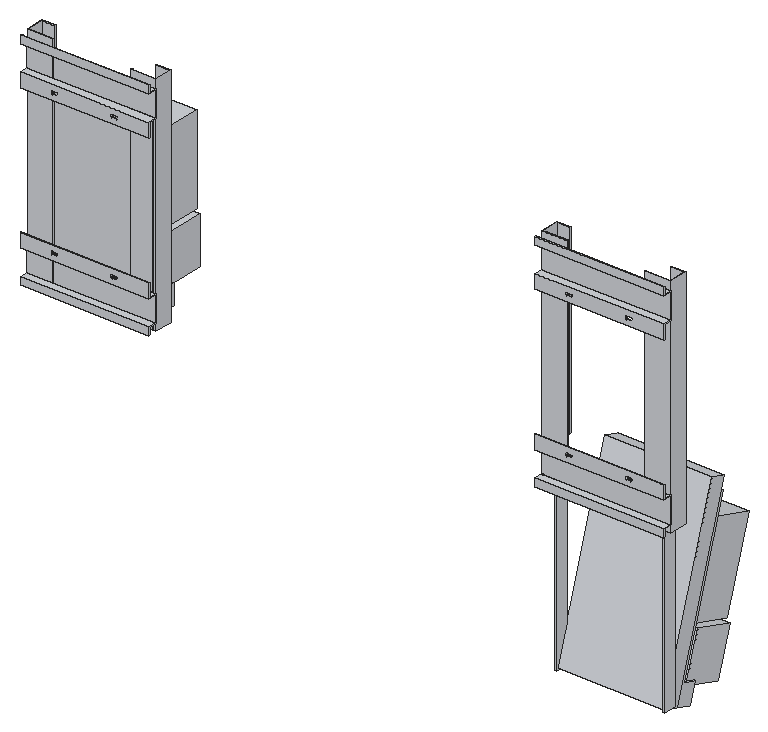
Revit family "AX9406E_0014", category Appareils sanitaires, Revit 2016 (continued)
Forms (mm)
  Extrusion 178, solid
    sketch origin (470.588, -128.803, -320.399) x (1, 0, 0) y (0, 0.309017, 0.951057)
      loop
        line (-41.688, 866.468) -> (-164.1, 866.468) -> (-164.1, 797.112) -> (-41.688, 797.112) -> (-41.688, 866.468)
    from -105.493 to -14.449
  Extrusion 179, solid
    sketch origin (470.588, -128.803, -320.399) x (1, 0, 0) y (0, 0.309017, 0.951057)
      loop
        line (-68.238, 797.112) -> (-124.921, 797.112) -> (-124.921, 793.415) -> (-109.288, 793.415) -> (-93.841, 785.173) -> (-68.238, 797.112)
    from -105.493 to -44.449
  Extrusion 180, void
    sketch origin (470.588, -128.803, -320.399) x (1, 0, 0) y (0, 0.309017, 0.951057)
      loop
        line (-137.189, 850.697) -> (-123.934, 822.272)
        arc (-123.934, 822.272) -> (-119.778, 841.513) -> (-137.189, 850.697) r 16.284
    from -107.828 to -99.857
  Extrusion 181, void
    sketch origin (202.931, 387.156, 1267.56) x (-1, 0, 0) y (0, -0.309017, -0.951057)
      loop
        line (-137.189, 850.697) -> (-123.934, 822.272)
        arc (-123.934, 822.272) -> (-119.778, 841.513) -> (-137.189, 850.697) r 16.284
    from -107.828 to -99.857
  Extrusion 182, void
    sketch origin (470.588, -128.803, -320.399) x (1, 0, 0) y (0, 0.309017, 0.951057)
      loop
        circle (-134.065, 834.893) r 22.599
      loop
        circle (-134.065, 834.893) r 23.099
    from -105.493 to -99.857
  Extrusion 183, solid
    sketch origin (470.588, -200.132, -297.223) x (1, 0, 0) y (0, 0.951057, -0.309017)
      loop
        circle (-93.166, 167.329) r 5.905
      loop
        circle (-93.166, 167.329) r 3.598
    from 782.819 to 789.363
  Extrusion 184, void
    sketch origin (470.588, -218.202, -291.352) x (1, 0, 0) y (0, 0.951057, -0.309017)
      loop
        line (-167.161, 138.449) -> (-167.161, 108.449) -> (-137.161, 108.449) -> (-137.161, 138.449) -> (-167.161, 138.449)
    from 777.269 to 779.269
  Extrusion 185, solid
    sketch origin (660.349, -148.546, -319.678) x (1, 0, 0) y (0, 0.309017, 0.951057)
      loop
        line (-273.909, 1033.562) -> (-305.909, 1033.562) -> (-305.909, 1020.562) -> (-273.909, 1020.562) -> (-273.909, 1033.562)
      loop
        line (-275.909, 1031.475) -> (-294.909, 1031.475) -> (-294.909, 1022.476) -> (-275.909, 1022.476) -> (-275.909, 1031.475)
    from -32 to -27
  Extrusion 186, solid
    sketch origin (458.049, -247.816, -309.511) x (0, 0.951057, -0.309017) y (0, 0.309017, 0.951057)
      loop
        line (125.447, 1029.569) -> (125.447, 1027.569) -> (153.447, 1027.569) -> (153.447, 1020.569) -> (155.447, 1020.569) -> (155.447, 1029.569) -> (125.447, 1029.569)
    from -59.645 to -46.645
  Extrusion 187, solid
    sketch origin (282.83, -247.816, -309.511) x (0, 0.951057, -0.309017) y (0, -0.309017, -0.951057)
      loop
        line (125.447, -1029.569) -> (155.447, -1029.569) -> (155.447, -1020.569) -> (153.447, -1020.569) -> (153.447, -1027.569) -> (125.447, -1027.569) -> (125.447, -1029.569)
    from -59.645 to -46.645
  Extrusion 188, void
    sketch origin (516.012, 13, -253.576) x (1, 0, 0) y (0, 0, 1)
      loop
        line (-184.46, 1188.488) -> (-189.484, 1188.488)
        arc (-189.484, 1188.488) -> (-191.984, 1185.988) -> (-189.484, 1183.488) r 2.5
        line (-189.484, 1183.488) -> (-184.46, 1183.488)
        arc (-184.46, 1183.488) -> (-181.96, 1185.988) -> (-184.46, 1188.488) r 2.5
    from -63 to -62
  Extrusion 189, void
    sketch origin (516.012, 13, -461.497) x (1, 0, 0) y (0, 0, 1)
      loop
        line (-184.46, 1188.488) -> (-189.484, 1188.488)
        arc (-189.484, 1188.488) -> (-191.984, 1185.988) -> (-189.484, 1183.488) r 2.5
        line (-189.484, 1183.488) -> (-184.46, 1183.488)
        arc (-184.46, 1183.488) -> (-181.96, 1185.988) -> (-184.46, 1188.488) r 2.5
    from -63 to -62
  Extrusion 190, void
    sketch origin (228.075, 13, -253.576) x (-1, 0, 0) y (0, 0, -1)
      loop
        arc (-184.46, -1188.488) -> (-181.96, -1185.988) -> (-184.46, -1183.488) r 2.5
        line (-184.46, -1183.488) -> (-189.484, -1183.488)
        arc (-189.484, -1183.488) -> (-191.984, -1185.988) -> (-189.484, -1188.488) r 2.5
        line (-189.484, -1188.488) -> (-184.46, -1188.488)
    from -63 to -62
  Extrusion 191, void
    sketch origin (228.075, 13, -461.497) x (-1, 0, 0) y (0, 0, -1)
      loop
        arc (-184.46, -1188.488) -> (-181.96, -1185.988) -> (-184.46, -1183.488) r 2.5
        line (-184.46, -1183.488) -> (-189.484, -1183.488)
        arc (-189.484, -1183.488) -> (-191.984, -1185.988) -> (-189.484, -1188.488) r 2.5
        line (-189.484, -1188.488) -> (-184.46, -1188.488)
    from -63 to -62
  Extrusion 192, solid
    sketch origin (-218.213, 112, -40.127) x (1, 0, 0) y (0, 0, 1)
      loop
        line (669.257, 786.789) -> (667.257, 786.789) -> (667.257, 466.088) -> (669.257, 466.088) -> (669.257, 786.789)
    from 0 to 18
  Extrusion 193, solid
    sketch origin (962.3, 112, -40.127) x (-1, 0, 0) y (0, 0, -1)
      loop
        line (669.257, -786.789) -> (669.257, -466.088) -> (667.257, -466.088) -> (667.257, -786.789) -> (669.257, -786.789)
    from 0 to 18
  Extrusion 194, solid, not visible
    sketch origin (-57.754, 131.3, -1246.225) x (1, 0, 0) y (0, 0, 1)
      loop
        line (-380.828, 1900.05) -> (-534.828, 1900.05) -> (-534.828, 1622.442) -> (-380.828, 1622.442) -> (-380.828, 1900.05)
    from 18.3 to 42.513
  Extrusion 195, solid, not visible
    sketch origin (-417.036, 32, -405) x (0, 1, 0) y (0, 0, 1)
      loop
        line (182.673, 996.87) -> (83, 996.87) -> (83, 869.33) -> (182.673, 869.33) -> (182.673, 996.87)
    from -151.645 to -48.653
  Extrusion 196, solid, not visible
    sketch origin (-417.036, 32, -405) x (1, 0, 0) y (0, 1, 0)
      loop
        circle (-94.158, 150.829) r 21.911
    from 996.934 to 1009.972
  Extrusion 197, solid, not visible
    sketch origin (-417.036, 13, -405) x (0, 1, 0) y (0, 0, 1)
      loop
        line (138.449, 777.269) -> (138.449, 807.147) -> (116.18, 807.147) -> (116.18, 1037.147) -> (100, 1037.147) -> (100, 777.269) -> (138.449, 777.269)
    from -169.773 to -30.488
  Extrusion 198, void, not visible
    sketch origin (-417.036, 88, -405) x (1, 0, 0) y (0, 0, 1)
      loop
        line (-32.488, 779.269) -> (-32.488, 1034.619) -> (-167.773, 1034.619) -> (-167.773, 779.269) -> (-32.488, 779.269)
    from -63.449 to -27
  Extrusion 199, solid, not visible
    sketch origin (-417.036, 107, -405) x (1, 0, 0) y (0, 0, 1)
      loop
        line (-41.688, 866.468) -> (-164.1, 866.468) -> (-164.1, 797.112) -> (-41.688, 797.112) -> (-41.688, 866.468)
    from -105.493 to -14.449
  Extrusion 200, solid, not visible
    sketch origin (-417.036, 107, -405) x (1, 0, 0) y (0, 0, 1)
      loop
        line (-68.238, 797.112) -> (-124.921, 797.112) -> (-124.921, 793.415) -> (-109.288, 793.415) -> (-93.841, 785.173) -> (-68.238, 797.112)
    from -105.493 to -44.449
  Extrusion 201, void, not visible
    sketch origin (-417.036, 107, -405) x (1, 0, 0) y (0, 0, 1)
      loop
        line (-137.189, 850.697) -> (-123.934, 822.272)
        arc (-123.934, 822.272) -> (-119.778, 841.513) -> (-137.189, 850.697) r 16.284
    from -107.828 to -99.857
  Extrusion 202, void, not visible
    sketch origin (-684.693, 107, 1264.679) x (-1, 0, 0) y (0, 0, -1)
      loop
        line (-137.189, 850.697) -> (-123.934, 822.272)
        arc (-123.934, 822.272) -> (-119.778, 841.513) -> (-137.189, 850.697) r 16.284
    from -107.828 to -99.857
  Extrusion 203, void, not visible
    sketch origin (-417.036, 107, -405) x (1, 0, 0) y (0, 0, 1)
      loop
        circle (-134.065, 834.893) r 22.599
      loop
        circle (-134.065, 834.893) r 23.099
    from -105.493 to -99.857
  Extrusion 204, solid, not visible
    sketch origin (-417.036, 32, -405) x (1, 0, 0) y (0, 1, 0)
      loop
        circle (-93.166, 167.329) r 5.905
      loop
        circle (-93.166, 167.329) r 3.598
    from 782.819 to 789.363
  Extrusion 205, void, not visible
    sketch origin (-417.036, 13, -405) x (1, 0, 0) y (0, 1, 0)
      loop
        line (-167.161, 138.449) -> (-167.161, 108.449) -> (-137.161, 108.449) -> (-137.161, 138.449) -> (-167.161, 138.449)
    from 777.269 to 779.269
  Extrusion 206, solid, not visible
    sketch origin (-227.276, 88, -410.415) x (1, 0, 0) y (0, 0, 1)
      loop
        line (-273.909, 1033.562) -> (-305.909, 1033.562) -> (-305.909, 1020.562) -> (-273.909, 1020.562) -> (-273.909, 1033.562)
      loop
        line (-275.909, 1031.475) -> (-294.909, 1031.475) -> (-294.909, 1022.476) -> (-275.909, 1022.476) -> (-275.909, 1031.475)
    from -32 to -27
  Extrusion 207, solid, not visible
    sketch origin (-429.576, -9.553, -431.421) x (0, 1, 0) y (0, 0, 1)
      loop
        line (125.447, 1029.569) -> (125.447, 1027.569) -> (153.447, 1027.569) -> (153.447, 1020.569) -> (155.447, 1020.569) -> (155.447, 1029.569) -> (125.447, 1029.569)
    from -59.645 to -46.645
  Extrusion 208, solid, not visible
    sketch origin (-604.795, -9.553, -431.421) x (0, 1, 0) y (0, 0, -1)
      loop
        line (125.447, -1029.569) -> (155.447, -1029.569) -> (155.447, -1020.569) -> (153.447, -1020.569) -> (153.447, -1027.569) -> (125.447, -1027.569) -> (125.447, -1029.569)
    from -59.645 to -46.645
Cuts and joins
  Extrusion 14 cuts Extrusion 4
  Extrusion 7, Extrusion 18, Extrusion 175 cuts Extrusion 6
  Extrusion 14, Extrusion 15, Extrusion 16 cuts Extrusion 12
  Extrusion 7 cuts Extrusion 13
  Extrusion 9, Extrusion 175 cuts Extrusion 8
  Extrusion 11, Extrusion 177 cuts Extrusion 10
  Extrusion 22, Extrusion 165 cuts Extrusion 2
  Extrusion 23, Extrusion 166, Extrusion 189, Extrusion 191 cuts Extrusion 3
  Extrusion 173 cuts Extrusion 172
  Extrusion 173, Extrusion 180, Extrusion 181, Extrusion 182 cuts Extrusion 178
  Extrusion 173 cuts Extrusion 179
  Extrusion 175 cuts Extrusion 1
  Extrusion 175 cuts Extrusion 174
  Extrusion 175 cuts Extrusion 193
  Extrusion 177 cuts Extrusion 176
  Extrusion 177 cuts Extrusion 192
  Extrusion 188, Extrusion 190 cuts Extrusion 168
  Extrusion 189, Extrusion 191 cuts Extrusion 169
Lines and regions (mm)
  reference lines, not visible
    curve 1: line (0, 214.668, 675.189) -> (0, 203, 680.368)
Text (mm)
  text "Côté de la mise en place" at (-1820.995, 1116.779, 0), in view "Niveau de réf."
  text "Côté de la mise en place" at (0, 1334.055, 2976.191), in view "Gauche"
  text "Côté de la mise en place" at (0, 439.194, 2944.362), in view "Droite"
Dimensions and locks
  locked: plane 3 "Arrière" to host wall
  aligned and locked: plane 1 "Mur" to host wall
